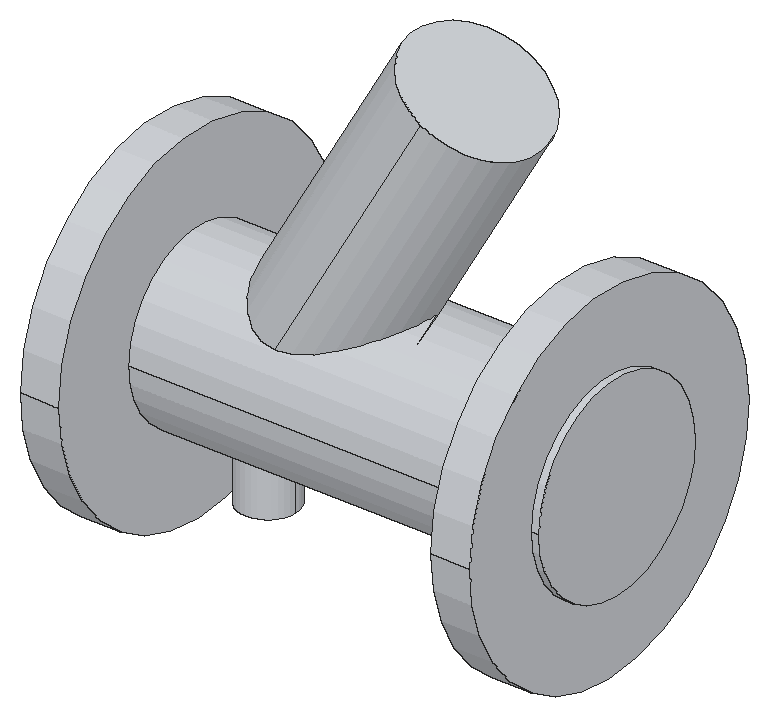
Revit family "HS 821-síto_standard-PN16-DN040-RFA_2019", category Pipe Accessories, Revit 2019
Family settings
  Round Connector Dimension = Use Diameter
  Part Type = Breaks Into
  Work Plane-Based = No
  Always vertical = Yes
  Cut with Voids When Loaded = No
  Shared = No
Parameters (values of type "821A-DN040-PN16-síto_standard")
  magiProductId = "d106917c74724141a10440112d0102"
  magiProductFamilyId = "79214ac3aaa945e397802f559f5c1e"
  magiPartTypeId = 307
  isMeasuringValve [instance] = no
  ang2D [instance] = 0.00°
  ZB__ve = -ZB  # -24.5 mm
  ZB1 = 34.02 mm
  ZB = 24.5 mm
  X2 = 75.777 mm
  X1 = 28 mm
  W2D = 15 mm
  VersionID = "2.0/2017.9.26.1/ZETKAMA_821_001"
  Use Minimum Symbol Size [instance] = yes
  URL = "www.hydronix.cz"
  Type Comments = "Filtr přírubový; síto standardní; A-PN16 (-10~300°C); D-PN25 (-10~350°C); F-PN40 (-10~400°C)"
  S = 84 mm
  QmdConnectorList = "301;D;302;D"
  Productdata [instance] = ""
  Manufacturer = "Hydronix"
  MC Product Code = "200 140 (821A; DN040; PN16; kvs37,7; oko síta 1,00mm)"
  LM1 = 16 mm
  LM = 160 mm
  L4 = 50 mm
  L2D_Min = 3048 mm
  L2D = 130 mm
  L2 = 100 mm
  HH2 = 131.25 mm
  FD = 150 mm
  Description = "Filtr přírubový; síto standardní; 821A-PN16; 821D-PN25; 821F-PN40"
  DM1 = 60 mm
  DM = 75.6 mm
  D = 40 mm
  CC = 3.4 mm
  CAT0 = yes
  C1 = 16.6 mm
  C = 20 mm
  BD = 23.814 mm
Types (40, lengths in mm): name | magiProductId | ZB__ve | ZB1 | ZB | X2 | X1 | S | MC Product Code | LM1 | LM | L4 | L2 | HH2 | FD | DM1 | DM | D | CC | C1 | C | BD
  821A-DN015-PN16-síto_standard | "a71bcfe8b393460598b23e8ddf7dc5" | -16.25 | 18.63 | 16.25 | 46.982 | 18.2 | 46 | "200 115 (821A; DN015; PN16; kvs6,3; oko síta 1,00mm)" | 10.4 | 104 | 32.5 | 65 | 81.375 | 95 | 27.6 | 41.4 | 15 | 2.21 | 10.79 | 13 | 13.041
  821A-DN020-PN16-síto_standard | "41cd6c7a12924f4991217528336076" | -17.75 | 22.68 | 17.75 | 51.673 | 21 | 56 | "200 120 (821A; DN020; PN16; kvs11,2; oko síta 1,00mm)" | 12 | 120 | 37.5 | 75 | 89.5 | 105 | 33.6 | 50.4 | 20 | 2.55 | 12.45 | 15 | 15.876
  821A-DN025-PN16-síto_standard | "be378b463ed14c3abf4c9b3ae8cf3a" | -19.25 | 26.325 | 19.25 | 58.601 | 22.4 | 65 | "200 125 (821A; DN025; PN16; kvs14,7; oko síta 1,00mm)" | 12.8 | 128 | 40 | 80 | 101.5 | 115 | 43.2 | 58.5 | 25 | 2.72 | 13.28 | 16 | 18.427
  821A-DN032-PN16-síto_standard | "227a0d18b21540afabe8b6067d35fa" | -23 | 30.78 | 23 | 68.849 | 25.2 | 76 | "200 132 (821A; DN032; PN16; kvs23,7; oko síta 1,00mm)" | 14.4 | 144 | 45 | 90 | 119.25 | 140 | 50.4 | 68.4 | 32 | 3.06 | 14.94 | 18 | 21.546
  821A-DN040-PN16-síto_standard | "d106917c74724141a10440112d0102" | -24.5 | 34.02 | 24.5 | 75.777 | 28 | 84 | "200 140 (821A; DN040; PN16; kvs37,7; oko síta 1,00mm)" | 16 | 160 | 50 | 100 | 131.25 | 150 | 60 | 75.6 | 40 | 3.4 | 16.6 | 20 | 23.814
  821A-DN050-PN16-síto_standard | "8255d456a09e4f6486734f5dd9171b" | -26.75 | 40.095 | 26.75 | 79.061 | 32.2 | 99 | "200 150 (821A; DN050 PN16; kvs57,9; oko síta 1,00mm)" | 18.4 | 184 | 57.5 | 115 | 136.938 | 165 | 73.8 | 89.1 | 50 | 3.91 | 19.09 | 23 | 28.066
  821A-DN065-PN16-síto_standard | "235b1b3e4c0843779a4d5e3716d40a" | -29.75 | 47.79 | 29.75 | 86.927 | 40.6 | 118 | "200 165 (821A; DN065; PN16; kvs101,5; oko síta 1,25mm)" | 23.2 | 232 | 72.5 | 145 | 150.562 | 185 | 94.2 | 106.2 | 65 | 4.93 | 24.07 | 29 | 33.453
  821A-DN080-PN16-síto_standard | "a067f7c5236348ed8c820d16df7214" | -32 | 53.46 | 32 | 104.753 | 43.4 | 132 | "200 180 (821A; DN080; PN16; kvs147,4; oko síta 1,25mm)" | 24.8 | 248 | 77.5 | 155 | 181.438 | 200 | 107.4 | 118.8 | 80 | 5.27 | 25.73 | 31 | 37.422
  821A-DN100-PN16-síto_standard | "c49a648c2747461285837d643703cd" | -35 | 63.18 | 35 | 114.857 | 49 | 156 | "200 190 (821A; DN100; PN16; kvs209,6; oko síta 1,60mm)" | 28 | 280 | 87.5 | 175 | 198.937 | 220 | 131.4 | 140.4 | 100 | 5.95 | 29.05 | 35 | 44.226
  821A-DN125-PN16-síto_standard | "bf68e728a163493cbd2a663b26ebdc" | -39.5 | 74.52 | 39.5 | 131.888 | 56 | 184 | "200 191 (821A; DN125; PN16; kvs326,2; oko síta 1,60mm)" | 32 | 320 | 100 | 200 | 228.438 | 250 | 165 | 165.6 | 125 | 6.8 | 33.2 | 40 | 52.164
  821A-DN150-PN16-síto_standard | "2de770284b654863ae6bc865769dc5" | -44.75 | 85.455 | 44.75 | 155.885 | 67.2 | 211 | "200 192 (821A; DN150; PN16; kvs403; oko síta 1,60mm)" | 38.4 | 384 | 120 | 240 | 270 | 285 | 192 | 189.9 | 150 | 8.16 | 39.84 | 48 | 59.818
  821A-DN200-PN16-síto_standard | "8e5693371ab64aabb29a7f08c76e15" | -53 | 107.73 | 53 | 188.361 | 84 | 266 | "200 193 (821A; DN200; PN16; kvs707; oko síta 1,60mm)" | 48 | 480 | 150 | 300 | 326.25 | 340 | 252 | 239.4 | 200 | 10.2 | 49.8 | 60 | 75.411
  821A-DN250-PN16-síto_standard | "05e37ed948c34047acdd4c42556504" | -62.75 | 129.195 | 62.75 | 255.911 | 102.2 | 319 | "200 194 (821A; DN250; PN16; kvs1234; oko síta 1,60mm)" | 58.4 | 584 | 182.5 | 365 | 443.25 | 405 | 309.6 | 287.1 | 250 | 12.41 | 60.59 | 73 | 90.436
  821A-DN300-PN16-síto_standard | "9ad0af747269428da925480d83ce80" | -71 | 149.85 | 71 | 325.914 | 119 | 370 | "200 195 (821A; DN300; PN16; kvs1916; oko síta 1,60mm)" | 68 | 680 | 212.5 | 425 | 564.5 | 460 | 369.6 | 333 | 300 | 14.45 | 70.55 | 85 | 104.895
  821A-DN350-PN16-síto_standard | "eebc71459bb3451bb4355e7951370a" | -80 | 173.745 | 80 | 356.875 | 137.2 | 429 | "200 196 (821A; DN350; PN16; kvs2621; oko síta 1,60mm)" | 78.4 | 784 | 245 | 490 | 618.125 | 520 | 438 | 386.1 | 350 | 16.66 | 81.34 | 98 | 121.621
  821A-DN400-PN16-síto_standard | "d2f677cb196647e385b2590e7d8abe" | -89 | 194.4 | 89 | 392.237 | 154 | 480 | "200 197 (821A; DN400; PN16; kvs3460; oko síta 1,60mm)" | 88 | 880 | 275 | 550 | 679.375 | 580 | 498 | 432 | 400 | 18.7 | 91.3 | 110 | 136.08
  821D-DN015-PN25-síto_standard | "27ddcbf555414f8ca1fde329bf9087" | -16.25 | 18.63 | 16.25 | 46.982 | 18.2 | 46 | "200 215 (821D; DN015; PN25; kvs6,3; oko síta 1,00mm)" | 10.4 | 104 | 32.5 | 65 | 81.375 | 95 | 27.6 | 41.4 | 15 | 2.21 | 10.79 | 13 | 13.041
  821D-DN020-PN25-síto_standard | "270e0f14012f47189cd0235c18faee" | -17.75 | 22.68 | 17.75 | 51.673 | 21 | 56 | "200 220 (821D; DN020; PN25; kvs11,2; oko síta 1,00mm)" | 12 | 120 | 37.5 | 75 | 89.5 | 105 | 33.6 | 50.4 | 20 | 2.55 | 12.45 | 15 | 15.876
  821D-DN025-PN25-síto_standard | "b9a7fb4aa36643878c637d8e1ab992" | -19.25 | 26.325 | 19.25 | 58.601 | 22.4 | 65 | "200 225 (821D; DN025; PN25; kvs14,7; oko síta 1,00mm)" | 12.8 | 128 | 40 | 80 | 101.5 | 115 | 43.2 | 58.5 | 25 | 2.72 | 13.28 | 16 | 18.427
  821D-DN032-PN25-síto_standard | "6be9a55c4e68400f94eec7e804204c" | -23 | 30.78 | 23 | 68.849 | 25.2 | 76 | "200 232 (821D; DN032; PN25; kvs23,7; oko síta 1,00mm)" | 14.4 | 144 | 45 | 90 | 119.25 | 140 | 50.4 | 68.4 | 32 | 3.06 | 14.94 | 18 | 21.546
  821D-DN040-PN25-síto_standard | "c54511bd7f584ec2984291479612cb" | -24.5 | 34.02 | 24.5 | 75.777 | 28 | 84 | "200 240 (821D; DN040; PN25; kvs37,7; oko síta 1,00mm)" | 16 | 160 | 50 | 100 | 131.25 | 150 | 60 | 75.6 | 40 | 3.4 | 16.6 | 20 | 23.814
  821D-DN050-PN25-síto_standard | "5483b1f596b04cd39b23a14a22c90e" | -26.75 | 40.095 | 26.75 | 79.061 | 32.2 | 99 | "200 250 (821D; DN050; PN25; kvs57,9; oko síta 1,00mm)" | 18.4 | 184 | 57.5 | 115 | 136.938 | 165 | 73.8 | 89.1 | 50 | 3.91 | 19.09 | 23 | 28.066
  821D-DN065-PN25-síto_standard | "767b0f8318e94750bc7a9930ed5b30" | -29.75 | 47.79 | 29.75 | 86.927 | 40.6 | 118 | "200 265 (821D; DN065; PN25; kvs101,5; oko síta 1,25mm)" | 23.2 | 232 | 72.5 | 145 | 150.562 | 185 | 94.2 | 106.2 | 65 | 4.93 | 24.07 | 29 | 33.453
  821D-DN080-PN25-síto_standard | "e21040fa3cc2404b858198f6b73709" | -32 | 53.46 | 32 | 104.753 | 43.4 | 132 | "200 280 (821D; DN080; PN25; kvs147,4; oko síta 1,25mm)" | 24.8 | 248 | 77.5 | 155 | 181.438 | 200 | 107.4 | 118.8 | 80 | 5.27 | 25.73 | 31 | 37.422
  821D-DN100-PN25-síto_standard | "175ca87a506b40b3bc6b82f12f33cf" | -37.25 | 63.18 | 37.25 | 114.857 | 49 | 156 | "200 290 (821D; DN100; PN25; kvs209,6; oko síta 1,60mm)" | 28 | 280 | 87.5 | 175 | 198.937 | 235 | 131.4 | 140.4 | 100 | 5.95 | 29.05 | 35 | 44.226
  821D-DN125-PN25-síto_standard | "77cc98d60da24855999a22dff726b2" | -42.5 | 74.52 | 42.5 | 131.888 | 56 | 184 | "200 291 (821D; DN125; PN25; kvs326,2; oko síta 1,60mm)" | 32 | 320 | 100 | 200 | 228.438 | 270 | 165 | 165.6 | 125 | 6.8 | 33.2 | 40 | 52.164
  821D-DN150-PN25-síto_standard | "9cf8acfcd15547d68e83172d3abcbe" | -47 | 85.455 | 47 | 155.885 | 67.2 | 211 | "200 292 (821D; DN150; PN25; kvs403; oko síta 1,60mm)" | 38.4 | 384 | 120 | 240 | 270 | 300 | 192 | 189.9 | 150 | 8.16 | 39.84 | 48 | 59.818
  821D-DN200-PN25-síto_standard | "16973f3c9ea14389ba8602495a6b64" | -56 | 110.97 | 56 | 188.361 | 84 | 274 | "200 293 (821D; DN200; PN25; kvs707; oko síta 1,60mm)" | 48 | 480 | 150 | 300 | 326.25 | 360 | 252 | 246.6 | 200 | 10.2 | 49.8 | 60 | 77.679
  821F-DN015-PN40-síto_standard | "4c7eaf3c4c0340888b3e684d8a8616" | -16.25 | 18.225 | 16.25 | 46.982 | 18.2 | 45 | "240 615 (821F; DN015; PN40; kvs6,3; oko síta 1,00mm)" | 10.4 | 104 | 32.5 | 65 | 81.375 | 95 | 27.6 | 40.5 | 15 | 2.21 | 10.79 | 13 | 12.757
  821F-DN020-PN40-síto_standard | "aaac5f1ec96b44d6ba96ac2293d66d" | -17.75 | 23.49 | 17.75 | 51.673 | 21 | 58 | "240 620 (821F; DN020; PN40; kvs11,2; oko síta 1,00mm)" | 12 | 120 | 37.5 | 75 | 89.5 | 105 | 33.6 | 52.2 | 20 | 2.55 | 12.45 | 15 | 16.443
  821F-DN025-PN40-síto_standard | "504768023968471481789485b54c7e" | -19.25 | 27.54 | 19.25 | 58.601 | 22.4 | 68 | "240 625 (821F; DN025; PN40; kvs14,7; oko síta 1,00mm)" | 12.8 | 128 | 40 | 80 | 101.5 | 115 | 43.2 | 61.2 | 25 | 2.72 | 13.28 | 16 | 19.278
  821F-DN032-PN40-síto_standard | "165e7f39cf744f329bdf1c400dad12" | -23 | 31.59 | 23 | 68.849 | 25.2 | 78 | "240 632 (821F; DN032; PN40; kvs23,7; oko síta 1,00mm)" | 14.4 | 144 | 45 | 90 | 119.25 | 140 | 50.4 | 70.2 | 32 | 3.06 | 14.94 | 18 | 22.113
  821F-DN040-PN40-síto_standard | "b8903f952089408fbf3a5a632bab1f" | -24.5 | 35.64 | 24.5 | 75.777 | 28 | 88 | "240 640 (821F; DN040; PN40; kvs37,7; oko síta 1,00mm)" | 16 | 160 | 50 | 100 | 131.25 | 150 | 60 | 79.2 | 40 | 3.4 | 16.6 | 20 | 24.948
  821F-DN050-PN40-síto_standard | "c451f97266fe48da8f879cb6a2bd44" | -26.75 | 41.31 | 26.75 | 79.061 | 32.2 | 102 | "240 650 (821F; DN050; PN40; kvs57,9; oko síta 1,00mm)" | 18.4 | 184 | 57.5 | 115 | 136.938 | 165 | 73.8 | 91.8 | 50 | 3.91 | 19.09 | 23 | 28.917
  821F-DN065-PN40-síto_standard | "dc9821e3f9b34e128f6a8c6b34c198" | -29.75 | 49.41 | 29.75 | 86.927 | 40.6 | 122 | "240 665 (821F; DN065; PN40; kvs101,5; oko síta 1,25mm)" | 23.2 | 232 | 72.5 | 145 | 150.562 | 185 | 94.2 | 109.8 | 65 | 4.93 | 24.07 | 29 | 34.587
  821F-DN080-PN40-síto_standard | "689aa1e260f84cf4994f027a1d86b5" | -32 | 55.89 | 32 | 104.753 | 43.4 | 138 | "240 680 (821F; DN080; PN40; kvs147,4; oko síta 1,25mm)" | 24.8 | 248 | 77.5 | 155 | 181.438 | 200 | 107.4 | 124.2 | 80 | 5.27 | 25.73 | 31 | 39.123
  821F-DN100-PN40-síto_standard | "8a45d4e8e2ab425f8c432f21d684f3" | -37.25 | 65.61 | 37.25 | 114.857 | 49 | 162 | "240 690 (821F; DN100; PN40; kvs209,6; oko síta 1,6mm)" | 28 | 280 | 87.5 | 175 | 198.937 | 235 | 131.4 | 145.8 | 100 | 5.95 | 29.05 | 35 | 45.927
  821F-DN125-PN40-síto_standard | "cf073904c006406b8645afa67ea2fc" | -42.5 | 76.14 | 42.5 | 131.888 | 56 | 188 | "240 691 (821F; DN125; PN40; kvs326,2; oko síta 1,6mm)" | 32 | 320 | 100 | 200 | 228.438 | 270 | 165 | 169.2 | 125 | 6.8 | 33.2 | 40 | 53.298
  821F-DN150-PN40-síto_standard | "0153b9ddabe14992a630484929fdbc" | -47 | 88.29 | 47 | 155.885 | 67.2 | 218 | "240 692 (821F; DN150; PN40; kvs403; oko síta 1,6mm)" | 38.4 | 384 | 120 | 240 | 270 | 300 | 192 | 196.2 | 150 | 8.16 | 39.84 | 48 | 61.803
  821F-DN200-PN40-síto_standard | "7fb3fc01dd8d42428c203e3f8dd4d5" | -56 | 115.425 | 56 | 188.361 | 84 | 285 | "240 693 (821F; DN200; PN40; kvs707; oko síta 1,6mm)" | 48 | 480 | 150 | 300 | 326.25 | 360 | 252 | 256.5 | 200 | 10.2 | 49.8 | 60 | 80.797
Reference planes
  plane 1 "Center (Front/Back)": y = 0
  plane 2 "XYPLANE": z = 0
  plane 3 "Center (Left/Right)": x = 0
  plane 4 "109": x = -64
  plane 5 "108": x = 80
  plane 6 "107": x = -80
  plane 7 "105": x = 100
  plane 8 "104": x = -100
  plane 9 "103": y = 0
  plane 10 "102": z = 0
  plane 11 "101": x = -96.6
  plane 12 "100": x = 96.6
  plane 13 "11": x = -36
  plane 14 "10": z = 131.25
  plane 15 "9": x = 39.777
  plane 16 "5": z = -34.02
  plane 17 "4": x = -50
  plane 18 "1": x = 50
Forms (mm)
  Extrusion 1, solid, visible <- "CAT0"
    sketch origin (-80, -750, 0) x (0, 1, 0) y (0, 0, 1)
      loop
        circle (750, 0) r 37.8
    from 0 to 160 <- "LM"
  Extrusion 2, solid
    sketch origin (-100, -750, 0) x (0, 1, 0) y (0, 0, 1)
      loop
        circle (750, 0) r 42
    from 0 to 3.4 <- "CC"
  Extrusion 3, solid
    sketch origin (-96.6, -750, 0) x (0, 1, 0) y (0, 0, 1)
      loop
        circle (750, 0) r 75
    from 0 to 16.6 <- "C1"
  Extrusion 4, solid
    sketch origin (80, -750, 0) x (0, 1, 0) y (0, 0, 1)
      loop
        circle (750, 0) r 75
    from 0 to 16.6 <- "C1"
  Extrusion 5, solid
    sketch origin (96.6, -750, 0) x (0, 1, 0) y (0, 0, 1)
      loop
        circle (750, 0) r 42
    from 0 to 3.4 <- "CC"
  Sweep 6, solid, visible <- "CAT0"
    path origin (750, 0, 0) x (-1, 0, 0) y (0, 0, 1)
      loop
        line (830, 0) -> (786, 0) -> (710.223, 131.25)
    profile origin (-80, 0, 0) x (0, 0, -1) y (0, 1, 0)
      loop
        circle (0, 0) r 30
  Extrusion 7, solid, visible <- "CAT0"
    sketch origin (-750, 0, -34.02) x (1, 0, 0) y (0, 1, 0)
      loop
        circle (700, 0) r 11.907
    from 0 to -24.5 <- "ZB__ve"
  Extrusion 8, solid, visible <- "CAT0"
    sketch origin (-750, 0, -34.02) x (1, 0, 0) y (0, 1, 0)
      loop
        circle (800, 0) r 11.907
    from 0 to -24.5 <- "ZB__ve"
  Extrusion 9, solid, not visible
    sketch origin (100, -750, 0) x (0, 1, 0) y (0, 0, 1)
      loop
        circle (750, 0) r 10
    from 0 to -10
  Extrusion 10, solid, not visible
    sketch origin (-100, -750, 0) x (0, 1, 0) y (0, 0, 1)
      loop
        circle (750, 0) r 10
    from 0 to 10
Lines and regions (mm)
  reference lines, not visible
    curve 1: circle (2, 2, 0) r 1 normal (0, 0, 1)
Dimensions and locks
  plane 1 "Center (Front/Back)" to curve 1 = 2 mm
  "LM1": plane 6 "107" to plane 4 "109"
  "LM": plane 6 "107" to plane 5 "108"
  "C": plane 8 "104" to plane 6 "107"
  "L2": plane 3 "Center (Left/Right)" to plane 7 "105"
  "L2": plane 3 "Center (Left/Right)" to plane 8 "104"
  locked: plane 1 "Center (Front/Back)" to plane 9 "103"
  locked: plane 2 "XYPLANE" to plane 10 "102"
  "CC": plane 8 "104" to plane 11 "101"
  "C1": plane 5 "108" to plane 12 "100"
  "X1": plane 4 "109" to plane 13 "11"
  "HH2": plane 2 "XYPLANE" to plane 14 "10"
  "X2": plane 13 "11" to plane 15 "9"
  "ZB1": plane 2 "XYPLANE" to plane 16 "5"
  "L4": plane 8 "104" to plane 17 "4"
  "L2": plane 17 "4" to plane 18 "1"
  Sweep 6 sketch curve to Sweep 6 sketch curve = 0 mm  (x2)
  "DM": diameter of Extrusion 1 sketch curve
  "S": diameter of Extrusion 2 sketch curve
  "FD": diameter of Extrusion 3 sketch curve
  "FD": diameter of Extrusion 4 sketch curve
  "S": diameter of Extrusion 5 sketch curve
  "DM1": diameter of Sweep 6 sketch curve
  "BD": diameter of Extrusion 7 sketch curve
  "BD": diameter of Extrusion 8 sketch curve
  aligned and locked: level to plane 2 "XYPLANE"
  aligned and locked: Extrusion 1 sketch curve to plane 9 "103"
  aligned and locked: plane 10 "102" to Extrusion 1 sketch curve
  aligned and locked: Extrusion 2 sketch curve to plane 9 "103"
  aligned and locked: plane 10 "102" to Extrusion 2 sketch curve
  aligned and locked: Extrusion 3 sketch curve to plane 9 "103"
  aligned and locked: plane 10 "102" to Extrusion 3 sketch curve
  aligned and locked: Extrusion 4 sketch curve to plane 9 "103"
  aligned and locked: plane 10 "102" to Extrusion 4 sketch curve
  aligned and locked: Extrusion 5 sketch curve to plane 9 "103"
  aligned and locked: plane 10 "102" to Extrusion 5 sketch curve
  aligned and locked: Sweep 6 sketch curve to plane 9 "103"
  aligned and locked: plane 10 "102" to Sweep 6 sketch curve  (x3)
  aligned and locked: plane 6 "107" to Sweep 6 sketch curve
  aligned and locked: plane 13 "11" to Sweep 6 sketch curve
  aligned and locked: plane 14 "10" to Sweep 6 sketch curve
  aligned and locked: plane 15 "9" to Sweep 6 sketch curve
  aligned and locked: plane 9 "103" to Extrusion 7 sketch curve
  aligned and locked: plane 17 "4" to Extrusion 7 sketch curve
  aligned and locked: plane 9 "103" to Extrusion 8 sketch curve
  aligned and locked: plane 18 "1" to Extrusion 8 sketch curve
  aligned and locked: Extrusion 9 sketch curve to plane 9 "103"
  aligned and locked: plane 10 "102" to Extrusion 9 sketch curve
  aligned and locked: Extrusion 10 sketch curve to plane 9 "103"
  aligned and locked: plane 10 "102" to Extrusion 10 sketch curve
Automatic sketch dimensions
  plane 1 "Center (Front/Back)" to Extrusion 9 sketch curve = 10 mm
  plane 1 "Center (Front/Back)" to Extrusion 10 sketch curve = 10 mm
  plane 3 "Center (Left/Right)" to curve 1 = 2 mm
  radius of curve 1 = 1 mm
Connectors
  piping at (-100, 0, 0), diameter 40, driven by "D"
    settings: on Extrusion 10, index 1, connector inside diameter 609.6 mm, connector length 0 mm, flow factor 0, pipe flow 0.0 L/s, pressure drop 0.0 Pa, fitting loss kfactor 0, connector angle 0.00°, fixture units 0, engagement length 0 mm, angle of deflection 0.00°, flow configuration 0, flow direction 0, fitting loss method 0, system type 29, joint type 0, gender type 0, connector reference index 2, connector utility 0, adjustable connector no, is connector primary yes, connector description ""
  piping at (100, 0, 0), diameter 40, driven by "D"
    settings: on Extrusion 9, index 2, connector inside diameter 609.6 mm, connector length 0 mm, flow factor 0, pipe flow 0.0 L/s, pressure drop 0.0 Pa, fitting loss kfactor 0, connector angle 0.00°, fixture units 0, engagement length 0 mm, angle of deflection 0.00°, flow configuration 0, flow direction 0, fitting loss method 0, system type 29, joint type 0, gender type 0, connector reference index 1, connector utility 0, adjustable connector no, is connector primary no, connector description ""
